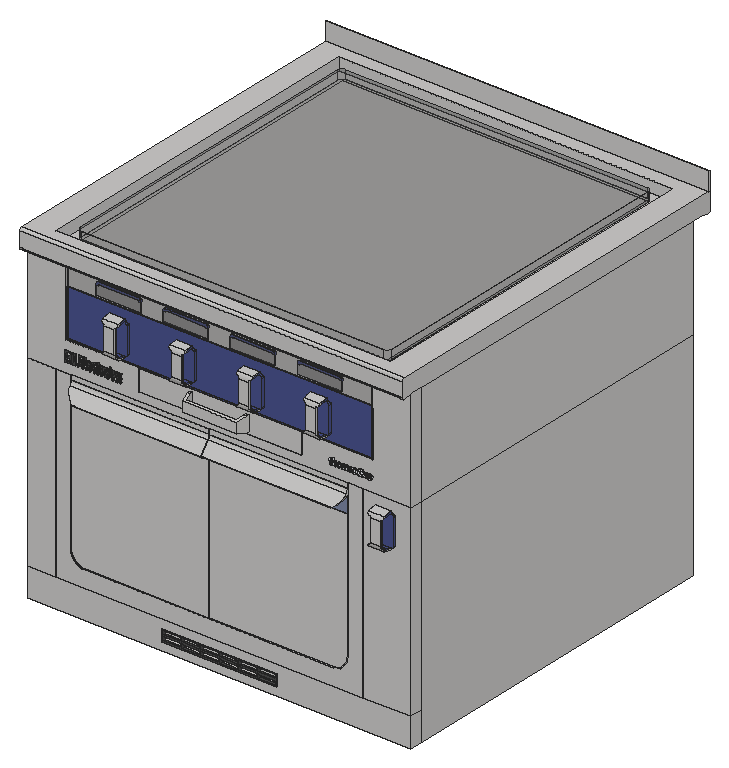
Revit family "QF_ELECTROLUXPROFESSIONAL_588470_MATHEBH4AO", category Attrezzature speciali, Revit 2020 (continued)
Definition of nested family "Front_Panel_W800_Four Knobs"
  Definition of nested family "ELX_Professional_Logo_Small"
    Forms (mm)
      Extrusion 2, solid, material <- "Material_Logo"
        sketch origin (15.5, 0, 0) x (1, 0, 0) y (0, 1, 0)
          loop
            line (2.865, 4.69) -> (3.898, 4.586) -> (3.898, 6.983)
          loop
            spline (15.638, 1.633) -> (15.586, 2.396) -> (15.435, 3.124) -> (15.192, 3.81) -> (14.863, 4.449) -> (14.455, 5.034) -> (13.975, 5.56) -> (13.43, 6.021) -> (12.826, 6.411) -> (12.17, 6.724) -> (11.469, 6.955) -> (10.729, 7.098) -> (9.958, 7.147)
            spline (9.958, 7.147) -> (9.182, 7.098) -> (8.44, 6.955) -> (7.737, 6.724) -> (7.081, 6.411) -> (6.477, 6.021) -> (5.933, 5.56) -> (5.454, 5.034) -> (5.048, 4.449) -> (4.721, 3.81) -> (4.479, 3.124) -> (4.329, 2.396) -> (4.277, 1.633)
            spline (4.277, 1.633) -> (4.329, 0.869) -> (4.479, 0.141) -> (4.721, -0.544) -> (5.048, -1.183) -> (5.454, -1.768) -> (5.933, -2.294) -> (6.477, -2.755) -> (7.081, -3.145) -> (7.737, -3.459) -> (8.44, -3.69) -> (9.182, -3.833) -> (9.958, -3.882)
            spline (9.958, -3.882) -> (10.729, -3.833) -> (11.469, -3.69) -> (12.17, -3.459) -> (12.826, -3.145) -> (13.43, -2.755) -> (13.975, -2.294) -> (14.455, -1.768) -> (14.863, -1.183) -> (15.192, -0.544) -> (15.435, 0.141) -> (15.586, 0.869) -> (15.638, 1.633)
          loop
            spline (13.18, 1.633) -> (13.151, 2.083) -> (13.067, 2.513) -> (12.932, 2.918) -> (12.748, 3.296) -> (12.52, 3.642) -> (12.251, 3.954) -> (11.943, 4.227) -> (11.601, 4.459) -> (11.228, 4.645) -> (10.828, 4.782) -> (10.403, 4.867) -> (9.958, 4.896)
            spline (9.958, 4.896) -> (9.509, 4.867) -> (9.081, 4.782) -> (8.679, 4.645) -> (8.306, 4.459) -> (7.964, 4.227) -> (7.658, 3.954) -> (7.39, 3.642) -> (7.163, 3.296) -> (6.981, 2.918) -> (6.847, 2.513) -> (6.765, 2.083) -> (6.736, 1.633)
            spline (6.736, 1.633) -> (6.765, 1.182) -> (6.847, 0.753) -> (6.981, 0.347) -> (7.163, -0.031) -> (7.39, -0.377) -> (7.658, -0.689) -> (7.964, -0.962) -> (8.306, -1.193) -> (8.679, -1.38) -> (9.081, -1.517) -> (9.509, -1.602) -> (9.958, -1.631)
            spline (9.958, -1.631) -> (10.403, -1.602) -> (10.828, -1.517) -> (11.228, -1.38) -> (11.601, -1.193) -> (11.943, -0.962) -> (12.251, -0.689) -> (12.52, -0.377) -> (12.748, -0.031) -> (12.932, 0.347) -> (13.067, 0.753) -> (13.151, 1.182) -> (13.18, 1.633)
          loop
            line (17.162, 4.269) -> (17.162, -3.573) -> (19.642, -3.573) -> (19.642, 10.824) -> (17.162, 10.824) -> (17.162, 4.269)
          loop
            line (28.581, 6.838) -> (28.581, 0.786)
            spline (28.581, 0.786) -> (28.561, 0.393) -> (28.503, 0.038) -> (28.409, -0.279) -> (28.281, -0.559) -> (28.122, -0.802) -> (27.933, -1.011) -> (27.717, -1.185) -> (27.476, -1.325) -> (27.213, -1.433) -> (26.929, -1.509) -> (26.626, -1.554) -> (26.308, -1.569)
            spline (26.308, -1.569) -> (25.99, -1.554) -> (25.688, -1.509) -> (25.404, -1.434) -> (25.141, -1.326) -> (24.9, -1.187) -> (24.684, -1.014) -> (24.496, -0.807) -> (24.336, -0.565) -> (24.209, -0.288) -> (24.115, 0.026) -> (24.057, 0.376) -> (24.037, 0.765)
            line (24.037, 0.765) -> (24.037, 6.838) -> (21.537, 6.838) -> (21.537, 0.558)
            spline (21.537, 0.558) -> (21.581, -0.153) -> (21.71, -0.8) -> (21.916, -1.384) -> (22.195, -1.904) -> (22.54, -2.362) -> (22.944, -2.757) -> (23.403, -3.09) -> (23.909, -3.362) -> (24.456, -3.572) -> (25.04, -3.722) -> (25.652, -3.811) -> (26.288, -3.841)
            spline (26.288, -3.841) -> (26.929, -3.811) -> (27.547, -3.72) -> (28.135, -3.568) -> (28.687, -3.355) -> (29.197, -3.079) -> (29.66, -2.741) -> (30.068, -2.341) -> (30.415, -1.877) -> (30.696, -1.349) -> (30.905, -0.757) -> (31.034, -0.101) -> (31.079, 0.621)
            line (31.079, 0.621) -> (31.079, 6.838) -> (28.581, 6.838)
          loop
            line (40.457, -0.243) -> (38.894, 1.942) -> (40.83, 4.579) -> (42.488, 6.837) -> (39.782, 6.837) -> (37.53, 3.719) -> (35.258, 6.837) -> (32.573, 6.837) -> (34.113, 4.731) -> (36.167, 1.922) -> (34.014, -1.076) -> (32.222, -3.573) -> (34.887, -3.573) -> (37.53, 0.104) -> (40.174, -3.573) -> (42.839, -3.573) -> (40.457, -0.243)
          loop
            line (-46.121, -5.837) -> (-48.039, -5.837) -> (-48.039, -10.814) -> (-47.016, -10.814) -> (-47.016, -9.128) -> (-46.121, -9.128)
            arc (-46.121, -9.128) -> (-44.476, -7.482) -> (-46.121, -5.837) r 1.645
          loop
            line (-46.163, -6.778) -> (-47.016, -6.778) -> (-47.016, -8.187) -> (-46.163, -8.187)
            arc (-46.163, -8.187) -> (-45.458, -7.482) -> (-46.163, -6.778) r 0.704
          loop
            line (-38.313, -5.837) -> (-40.265, -5.837) -> (-40.265, -10.814) -> (-39.241, -10.814) -> (-39.241, -9.1) -> (-38.46, -9.182) -> (-37.48, -10.814) -> (-36.318, -10.814) -> (-37.513, -8.848)
            arc (-37.513, -8.848) -> (-36.888, -8.266) -> (-36.671, -7.441) r 1.536
            arc (-36.671, -7.441) -> (-37.165, -6.305) -> (-38.313, -5.837) r 1.643
          loop
            arc (-38.402, -8.166) -> (-37.707, -7.505) -> (-38.334, -6.778) r 0.696
            line (-38.334, -6.778) -> (-39.241, -6.778) -> (-39.241, -8.166) -> (-38.402, -8.166)
          loop
            circle (-29.965, -8.325) r 2.585
          loop
            circle (-29.965, -8.325) r 1.64
          loop
            line (-23.1, -5.837) -> (-23.1, -10.814) -> (-22.076, -10.814) -> (-22.076, -8.768) -> (-20.204, -8.768) -> (-20.204, -7.828) -> (-22.076, -7.828) -> (-22.076, -6.778) -> (-20.024, -6.778) -> (-20.024, -5.837) -> (-23.1, -5.837)
          loop
            line (-15.802, -5.837) -> (-15.802, -9.2)
            arc (-15.802, -9.2) -> (-15.343, -10.34) -> (-14.209, -10.814) r 1.593
            line (-14.209, -10.814) -> (-12.602, -10.814) -> (-12.602, -10.027) -> (-14.004, -10.027)
            arc (-14.004, -10.027) -> (-14.552, -9.8) -> (-14.779, -9.252) r 0.775
            line (-14.779, -9.252) -> (-14.779, -8.424) -> (-12.789, -8.424) -> (-12.789, -7.642) -> (-14.779, -7.642) -> (-14.779, -6.778) -> (-12.651, -6.778) -> (-12.651, -5.837) -> (-15.802, -5.837)
          loop
            line (-5.909, -7.143) -> (-5.173, -6.638)
            arc (-5.173, -6.638) -> (-5.855, -5.974) -> (-6.781, -5.755) r 1.782
            arc (-6.781, -5.755) -> (-7.397, -5.878) -> (-7.944, -6.189) r 1.974
            arc (-7.944, -6.189) -> (-8.202, -6.5) -> (-8.317, -6.888) r 1.013
            arc (-8.317, -6.888) -> (-8.306, -7.341) -> (-8.192, -7.78) r 1.985
            arc (-8.192, -7.78) -> (-7.749, -8.259) -> (-7.171, -8.563) r 1.928
            arc (-7.171, -8.563) -> (-6.637, -8.779) -> (-6.131, -9.056) r 5.041
            arc (-6.131, -9.056) -> (-5.934, -9.387) -> (-6.09, -9.74) r 0.42
            arc (-6.09, -9.74) -> (-6.631, -9.96) -> (-7.204, -9.845) r 1.016
            arc (-7.204, -9.845) -> (-7.625, -9.603) -> (-7.889, -9.196) r 1.033
            line (-7.889, -9.196) -> (-8.67, -9.686)
            arc (-8.67, -9.686) -> (-8.361, -10.198) -> (-7.908, -10.589) r 1.914
            arc (-7.908, -10.589) -> (-7.334, -10.834) -> (-6.714, -10.896) r 2.063
            arc (-6.714, -10.896) -> (-5.947, -10.743) -> (-5.256, -10.376) r 2.696
            arc (-5.256, -10.376) -> (-4.95, -9.565) -> (-5.108, -8.712) r 1.618
            arc (-5.108, -8.712) -> (-5.448, -8.319) -> (-5.884, -8.035) r 1.876
            arc (-5.884, -8.035) -> (-6.434, -7.789) -> (-6.999, -7.577) r 9.883
            arc (-6.999, -7.577) -> (-7.325, -7.07) -> (-6.854, -6.694) r 0.45
            arc (-6.854, -6.694) -> (-6.329, -6.809) -> (-5.909, -7.143) r 1.197
          loop
            line (1.61, -7.143) -> (2.345, -6.638)
            arc (2.345, -6.638) -> (1.663, -5.974) -> (0.737, -5.755) r 1.782
            arc (0.737, -5.755) -> (0.121, -5.878) -> (-0.425, -6.189) r 1.974
            arc (-0.425, -6.189) -> (-0.683, -6.5) -> (-0.799, -6.888) r 1.013
            arc (-0.799, -6.888) -> (-0.788, -7.341) -> (-0.674, -7.78) r 1.985
            arc (-0.674, -7.78) -> (-0.231, -8.259) -> (0.347, -8.563) r 1.928
            arc (0.347, -8.563) -> (0.881, -8.779) -> (1.387, -9.056) r 5.041
            arc (1.387, -9.056) -> (1.584, -9.387) -> (1.428, -9.74) r 0.42
            arc (1.428, -9.74) -> (0.887, -9.96) -> (0.314, -9.845) r 1.016
            arc (0.314, -9.845) -> (-0.107, -9.603) -> (-0.371, -9.196) r 1.033
            line (-0.371, -9.196) -> (-1.152, -9.686)
            arc (-1.152, -9.686) -> (-0.842, -10.198) -> (-0.39, -10.589) r 1.914
            arc (-0.39, -10.589) -> (0.184, -10.834) -> (0.804, -10.896) r 2.063
            arc (0.804, -10.896) -> (1.572, -10.743) -> (2.263, -10.376) r 2.696
            arc (2.263, -10.376) -> (2.568, -9.565) -> (2.411, -8.712) r 1.618
            arc (2.411, -8.712) -> (2.07, -8.319) -> (1.635, -8.035) r 1.876
            arc (1.635, -8.035) -> (1.084, -7.789) -> (0.519, -7.577) r 9.883
            arc (0.519, -7.577) -> (0.193, -7.07) -> (0.665, -6.694) r 0.45
            arc (0.665, -6.694) -> (1.189, -6.809) -> (1.61, -7.143) r 1.197
          loop
            line (6.801, -5.837) -> (6.801, -10.814) -> (7.825, -10.814) -> (7.825, -5.837) -> (6.801, -5.837)
          loop
            circle (14.724, -8.325) r 1.548
          loop
            circle (14.724, -8.325) r 2.585
          loop
            line (21.59, -10.814) -> (22.623, -10.814) -> (22.623, -7.685) -> (24.9, -10.814) -> (25.895, -10.814) -> (25.895, -5.837) -> (24.861, -5.837) -> (24.861, -9.061) -> (22.585, -5.837) -> (21.59, -5.837) -> (21.59, -10.814)
          loop
            line (31.054, -10.814) -> (31.539, -9.74) -> (33.38, -9.74) -> (33.865, -10.814) -> (34.965, -10.814) -> (32.46, -5.837) -> (29.956, -10.814) -> (31.054, -10.814)
          loop
            line (32.46, -7.698) -> (31.999, -8.719) -> (32.921, -8.719) -> (32.46, -7.698)
          loop
            line (40.047, -9.873) -> (40.047, -5.837) -> (39.024, -5.837) -> (39.024, -10.814) -> (41.961, -10.814) -> (41.961, -9.873) -> (40.047, -9.873)
          loop
            line (-74.986, -10.814) -> (-53.322, -10.814) -> (-53.322, 10.82) -> (-74.986, 10.82) -> (-74.986, -10.814)
          loop
            line (-61.261, 9.758) -> (-61.261, -9.707)
            arc (-61.261, -9.707) -> (-54.066, 0.025) -> (-61.261, 9.758) r 10.18
          loop
            line (-62.251, 8.349) -> (-62.251, 9.758)
            arc (-62.251, 9.758) -> (-70.347, 7.918) -> (-74.247, 0.59) r 9.976
            line (-74.247, 0.59) -> (-71.026, 0.59)
            arc (-71.026, 0.59) -> (-65.274, 2.925) -> (-62.251, 8.349) r 9.351
          loop
            arc (-74.247, -0.539) -> (-70.353, -7.928) -> (-62.251, -9.957) r 10.237
            line (-62.251, -9.957) -> (-62.251, -8.298)
            arc (-62.251, -8.298) -> (-65.274, -2.874) -> (-71.026, -0.539) r 9.351
            line (-71.026, -0.539) -> (-74.247, -0.539)
        from 0 to 1.644
    Dimensions and locks
      aligned and locked: plane 2 to Extrusion 1
      aligned and locked: level to Extrusion 1
Definition of nested family "H450H2_2DOOR"
  Parameters
    Width [instance] = 580 mm
    Wdoor [instance] = Width / 2  # 290 mm
    Show Clearance [instance] = yes
    Model = "727995"
    Height = 450 mm
    Default Elevation = 0 mm
  Reference planes
    plane 1 "Center (Front/Back)": y = 0
    plane 2: z = 0
    plane 3 "Center (Left/Right)": x = 36.042
    plane 4 "panel": z = 25
    plane 5: x = -253.958
    plane 6: x = 326.042
    plane 7: y = 450
    plane 8: z = 290
    plane 9: z = 45
  Forms (mm)
    Extrusion 1, solid
      sketch origin (0, -919.2, 0) x (1, 0, 0) y (0, 1, 0)
        loop
          line (-980.5, 2119.2) -> (-980.5, -162.846) -> (881.94, -162.846) -> (881.94, 2119.2) -> (-980.5, 2119.2)
      from 0 to -59.546
    Extrusion 2, solid
      sketch origin (0, 0, 0) x (1, 0, 0) y (0, 1, 0)
        loop
          line (324.042, 393) -> (37.042, 393) -> (37.042, 97) -> (294.042, 97)
          arc (294.042, 97) -> (315.255, 105.787) -> (324.042, 127) r 30
          line (324.042, 127) -> (324.042, 393)
        loop
          arc (-251.958, 127) -> (-243.171, 105.787) -> (-221.958, 97) r 30
          line (-221.958, 97) -> (35.042, 97) -> (35.042, 393) -> (-251.958, 393) -> (-251.958, 127)
      from 0 to 25
    Extrusion 3, solid
      sketch origin (0, 0, 0) x (1, 0, 0) y (0, 1, 0)
        loop
          line (-251.958, 393) -> (35.042, 393) -> (35.042, 440) -> (-251.958, 440) -> (-251.958, 393)
        loop
          line (37.042, 440) -> (37.042, 393) -> (324.042, 393) -> (324.042, 440) -> (37.042, 440)
      from 0 to 25
    Extrusion 4, solid
      sketch origin (5.581, 79.805, 0) x (1, 0, 0) y (0, 1, 0)
        loop
          line (-257.539, 360.195) -> (29.461, 360.195) -> (29.461, 370.195) -> (-257.539, 370.195) -> (-257.539, 360.195)
        loop
          line (31.461, 370.195) -> (31.461, 360.195) -> (318.461, 360.195) -> (318.461, 370.195) -> (31.461, 370.195)
      from 0 to 25
    Extrusion 5, solid
      sketch origin (36.042, 0, 0) x (0, 1, 0) y (0, 0, 1)
        loop
          line (426.693, 25) -> (440.02, 25)
          arc (440.02, 25) -> (435.261, 25.775) -> (430.993, 28.02) r 15
          line (430.993, 28.02) -> (406.653, 46.362) -> (403.644, 42.369) -> (426.693, 25)
      from 1 to 288
    Extrusion 6, solid
      sketch origin (36.042, 0, 0) x (0, 1, 0) y (0, 0, 1)
        loop
          line (426.693, 25) -> (440.02, 25)
          arc (440.02, 25) -> (435.261, 25.775) -> (430.993, 28.02) r 15
          line (430.993, 28.02) -> (406.653, 46.362) -> (403.644, 42.369) -> (426.693, 25)
      from -288 to -1
    Extrusion 7, void
      sketch origin (0, 0, 0) x (1, 0, 0) y (0, 1, 0)
        loop
          arc (324.042, 426.693) -> (314.508, 412.772) -> (300.317, 403.644) r 42.603
          line (300.317, 403.644) -> (324.042, 403.644) -> (324.042, 426.693)
      from 0 to 47.9
    Extrusion 8, void
      sketch origin (72.084, 0, 0) x (-1, 0, 0) y (0, -1, 0)
        loop
          line (324.042, -426.693) -> (324.042, -403.644) -> (300.317, -403.644)
          arc (300.317, -403.644) -> (314.508, -412.772) -> (324.042, -426.693) r 42.603
      from 0 to 47.9
    Extrusion 9, solid, detail levels coarse
      sketch origin (0, 0, 0) x (1, 0, 0) y (0, 0, 1)
        loop
          arc (36.042, 25) -> (-41.575, 212.383) -> (-228.958, 290) r 265
          line (-228.958, 290) -> (-228.958, 25) -> (36.042, 25)
      from -450 to -97
    Extrusion 10, solid, detail levels coarse
      sketch origin (0, 0, 0) x (1, 0, 0) y (0, 0, 1)
        loop
          arc (301.042, 290) -> (113.659, 212.383) -> (36.042, 25) r 265
          line (36.042, 25) -> (301.042, 25) -> (301.042, 290)
      from -450 to -97
  Cuts and joins
    Extrusion 8 cuts Extrusion 6
    Extrusion 7 cuts Extrusion 5
  Lines and regions (mm)
    symbolic lines
      curve 1: line (326.042, 0, 45) -> (326.042, 0, 290)
      curve 2: line (301.042, 0, 45) -> (301.042, 0, 290)
      curve 3: line (326.042, 0, 290) -> (301.042, 0, 290)
      curve 4: line (-253.958, 0, 45) -> (-253.958, 0, 290)
      curve 5: line (-228.958, 0, 45) -> (-228.958, 0, 290)
      curve 6: line (-253.958, 0, 290) -> (-228.958, 0, 290)
      curve 7: arc (301.042, 0, 290) -> (120.901, 0, 219.356) -> (36.804, 0, 45.088) r 265
      curve 8: arc (35.286, 0, 44.997) -> (-48.783, 0, 219.325) -> (-228.958, 0, 290) r 265
  Dimensions and locks
    plane 4 "panel" to level = 25 mm
    "Width": plane 5 to plane 6
    equal spacing: plane 5, plane 3 "Center (Left/Right)", plane 6
    "Height": plane 1 "Center (Front/Back)" to plane 7
    locked: plane 5 to Extrusion 2 sketch curve at 2
    locked: Extrusion 2 sketch curve to plane 6 at 2
    locked: plane 1 "Center (Front/Back)" to Extrusion 2 sketch curve at 97
    locked: plane 7 to Extrusion 2 sketch curve at 57
    locked: Extrusion 2 sketch curve to plane 3 "Center (Left/Right)" at 1
    locked: plane 3 "Center (Left/Right)" to Extrusion 2 sketch curve at 1
    Extrusion 3 sketch curve to Extrusion 2 = 47 mm
    "Wdoor": plane 8 to level
    locked: curve 2 to curve 1 at 25
    locked: curve 5 to curve 4 at 25
    plane 4 "panel" to plane 9 = 20 mm
    aligned and locked: plane 2 to Extrusion 1
    aligned and locked: level to Extrusion 1
    aligned and locked: plane 4 "panel" to Extrusion 2
    aligned and locked: Extrusion 2 to Extrusion 3 sketch curve
    aligned and locked: Extrusion 3 sketch curve to Extrusion 2  (x2)
    aligned and locked: Extrusion 3 sketch curve to Extrusion 3 sketch curve
    aligned and locked: plane 4 "panel" to Extrusion 3
    aligned and locked: Extrusion 4 sketch curve to Extrusion 4 sketch curve
    aligned and locked: Extrusion 4 sketch curve to Extrusion 3  (x3)
    aligned and locked: Extrusion 3 to Extrusion 4 sketch curve
    aligned and locked: Extrusion 4 sketch curve to plane 7
    aligned and locked: Extrusion 3 to Extrusion 5
    aligned and locked: Extrusion 5 to Extrusion 3
    aligned and locked: Extrusion 6 to Extrusion 3
    aligned and locked: Extrusion 3 to Extrusion 6
    aligned and locked: Extrusion 7 sketch curve to Extrusion 5
    aligned and locked: Extrusion 8 to Extrusion 6
    aligned and locked: Extrusion 4 to Extrusion 8
    aligned and locked: Extrusion 2 to Extrusion 7
    aligned and locked: Extrusion 7 to Extrusion 5
    aligned and locked: Extrusion 4 to Extrusion 3  (x2)
    aligned and locked: Extrusion 3 to Extrusion 2
    aligned and locked: Extrusion 4 to Extrusion 2
    aligned and locked: curve 3 to plane 8
    aligned and locked: curve 1 to plane 6
    aligned and locked: curve 4 to plane 5
    aligned and locked: Extrusion 9 sketch curve to plane 4 "panel"
    aligned and locked: Extrusion 10 sketch curve to curve 7
    aligned and locked: Extrusion 10 sketch curve to curve 2
    aligned and locked: Extrusion 2 to Extrusion 9
    aligned and locked: Extrusion 2 to Extrusion 10
    aligned and locked: plane 7 to Extrusion 9
    aligned and locked: Extrusion 3 to Extrusion 4
  Automatic sketch dimensions
    Extrusion 1 sketch curve to Extrusion 1 sketch curve = 1862.44 mm
    Extrusion 1 sketch curve to Extrusion 1 sketch curve = 2282.046 mm
    Extrusion 2 sketch curve to Extrusion 2 sketch curve = 30 mm  (x2)
    Extrusion 2 sketch curve to plane 1 "Center (Front/Back)" = 97 mm
    Extrusion 2 sketch curve to Extrusion 2 sketch curve = 0 mm
    Extrusion 3 sketch curve to plane 3 "Center (Left/Right)" = 1 mm
    plane 5 to Extrusion 3 sketch curve = 2 mm
    Extrusion 3 sketch curve to Extrusion 3 sketch curve = 0 mm
    Extrusion 5 sketch curve to plane 4 "panel" = 0 mm
    plane 4 "panel" to Extrusion 5 sketch curve = 17.369 mm
    Extrusion 5 sketch curve to plane 7 = 46.356 mm
    plane 4 "panel" to Extrusion 5 sketch curve = 21.362 mm
    Extrusion 5 sketch curve to Extrusion 5 sketch curve = 3.009 mm
    plane 4 "panel" to Extrusion 5 sketch curve = 3.02 mm
    Extrusion 5 sketch curve to Extrusion 5 sketch curve = 9.027 mm
    Extrusion 6 sketch curve to plane 4 "panel" = 0 mm
    plane 4 "panel" to Extrusion 6 sketch curve = 17.369 mm
    Extrusion 6 sketch curve to plane 7 = 46.356 mm
    plane 4 "panel" to Extrusion 6 sketch curve = 21.362 mm
    Extrusion 6 sketch curve to Extrusion 6 sketch curve = 3.009 mm
    plane 4 "panel" to Extrusion 6 sketch curve = 3.02 mm
    Extrusion 6 sketch curve to Extrusion 6 sketch curve = 9.027 mm
    Extrusion 7 sketch curve to Extrusion 7 sketch curve = 23.725 mm
    Extrusion 7 sketch curve to plane 7 = 6.671 mm
    Extrusion 7 sketch curve to plane 6 = 41.221 mm
    Extrusion 7 sketch curve to plane 7 = 23.307 mm
    plane 7 to Extrusion 8 sketch curve = 6.671 mm
    Extrusion 8 sketch curve to plane 5 = 41.221 mm
    Extrusion 8 sketch curve to plane 5 = 25.725 mm
    Extrusion 8 sketch curve to plane 5 = 2 mm
    plane 7 to Extrusion 8 sketch curve = 23.307 mm
    Extrusion 4 sketch curve to Extrusion 4 sketch curve = 10 mm
    Extrusion 4 sketch curve to plane 7 = 10 mm
    curve 2 to plane 9 = 0 mm
    curve 5 to plane 9 = 0 mm
    curve 4 to plane 9 = 0 mm
    curve 1 to plane 9 = 0 mm
    curve 8 to plane 4 "panel" = 0 mm
    curve 5 to plane 8 = 0 mm
    curve 8 to plane 9 = 0.003 mm
    curve 7 to plane 4 "panel" = 0 mm
    plane 9 to curve 7 = 0.088 mm
Definition of nested family "Warm"
  Reference planes
    plane 1 "Center (Front/Back)": y = 0
    plane 2: z = 0
    plane 3 "Center (Left/Right)": x = 0
  Lines and regions (mm)
    detail lines, in view "Ref. Level"
      curve 1: circle (-165.742, 180.331, 0) r 45 normal (0, 0, 1)
      curve 2: line (-165.742, 125.331, 0) -> (-165.742, 80.331, 0)
      curve 3: line (-165.742, 235.331, 0) -> (-165.742, 280.331, 0)
      curve 4: line (-105.742, 180.331, 0) -> (-65.742, 180.331, 0)
      curve 5: line (-220.742, 180.331, 0) -> (-265.742, 180.331, 0)
      curve 6: line (-126.851, 141.44, 0) -> (-95.031, 109.62, 0)
      curve 7: line (-204.632, 219.221, 0) -> (-236.452, 251.041, 0)
      curve 8: line (-126.851, 219.221, 0) -> (-95.031, 251.041, 0)
      curve 9: line (-204.632, 141.44, 0) -> (-236.452, 109.62, 0)
